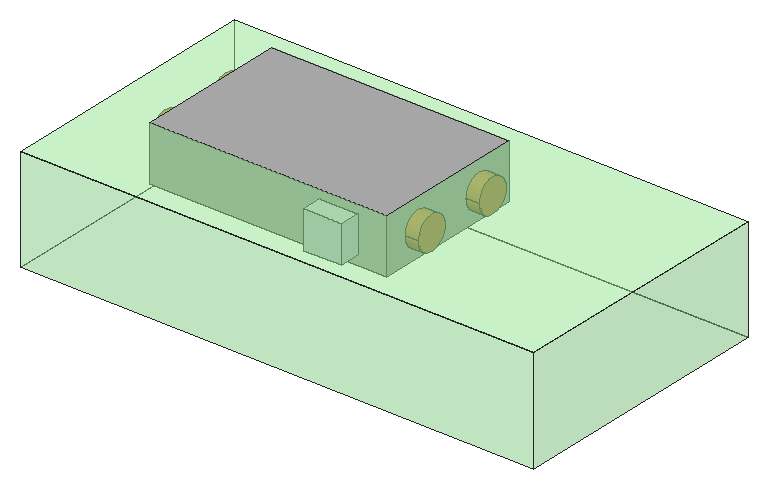
Revit family "BC_Hitachi_KPI-EX-4E-502-1002_LOD400", category Equipement de génie climatique, Revit 2016
Family settings
  Type d'élément = Normal
  Cote de connecteur circulaire = Utiliser le diamètre
  Numéro OmniClass = 23.75.50.00
  Titre OmniClass = Energy Treatment
  Basée sur le plan de construction = Non
  Toujours verticalement = Oui
  Couper avec des vides une fois chargée = Non
  Partagée = Non
  Point de calcul de pièce = Non
Parameters (values of type "KPI-502X4E")
  Usage Current = 4 A
  Text "exterieur" [instance] = yes
  Temperature exchange efficiency (High/me/low) % = "73/75/76"
  Supply Air Diameter = 200.00 mm
  Static pressure = "90/82/60"
  Sound power max (dB(A)) = 32
  Sound power level (High) dB(A) = "50"
  Sound power at minimal load (dB(A)) = 29
  Sound power at medium load (dB(A)) = 30
  Return air diameter = 200.00 mm
  Refrigerant = "R410A (factory-charged corrosion-proof nitrogen)"
  Product Code = "70603201"
  Overall Width = 920.00 mm
  Overall Height = 1435.00 mm
  Overall Depth = 330.00 mm
  Output Diameter = 200.00 mm
  Outlet Diameter = 32.00 mm
  Number of Poles = "1"
  Nominal Voltage = 230 V
  Modèle = "Heat recovery KPI"
  Minimum AC Voltage = 207 V
  Maximum AC Voltage = 253 V
  Mass = 0.00 kg
  Liquid Diameter = 6.35 mm
  Heating Capacity = 6.92 kW
  Gas Diameter = 12.70 mm
  Frequency = 50 Hz
  Exhaust air diameter = 200.00 mm
  Electrical box depth = 121.00 mm
  Operation and service space [instance] = yes
  Nominal power input (Hi/me/low) W = "130/95/73"
  Minimum Air Flow = 380.0 m³/h
  Maximum external pressure  (nom. air flow) = 165.0 Pa
  Maximum Air Flow = 500.0 m³/h
  Enthalpy exchange for heating (%) = "65"
  Enthalpy exchange for cooling (%) = "61"
  Description = "Ventilation unit with heat recovery. Optional CO2 sensor control"
  Cooling Capacity = 5.32 kW
  Color = "Neutral white (4.56Y8.85/0.38)"
  Air flow rate (Hi/Me/low) m3/h = "500/430/380"
  Air out of room depth = 85.00 mm
  Air in to room depth = 90.00 mm
  Fabricant = "HITACHI"
  Commentaires du type = "KPI-502X4E"
Types (3, lengths in mm): name | Temperature exchange efficiency (High/me/low) % | Supply Air Diameter | Static pressure | Sound power max (dB(A)) | Sound power level (High) dB(A) | Sound power at minimal load (dB(A)) | Sound power at medium load (dB(A)) | Return air diameter | Product Code | Overall Width | Overall Height | Overall Depth | Output Diameter | Liquid Diameter | Heating Capacity | Gas Diameter | Exhaust air diameter | Electrical box depth | Nominal power input (Hi/me/low) W | Minimum Air Flow | Maximum external pressure  (nom. air flow) | Maximum Air Flow | Enthalpy exchange for heating (%) | Enthalpy exchange for cooling (%) | Cooling Capacity | Air flow rate (Hi/Me/low) m3/h | Air out of room depth | Air in to room depth | Commentaires du type
  KPI-1002X4E | "76/78/79" | 300.00 | "170/105/80" | 36 | "54" | 31 | 33 | 300.00 | "70603203" | 1295.00 | 1904.00 | 385.00 | 300.00 | 9.52 | 12.93 kW | 15.88 | 300.00 | 101.00 | "357/198/150" | 740.0 m³/h | 170.0 Pa | 1000.0 m³/h | "68" | "62" | 10.83 kW | "1000/820/740" | 64.00 | 68.00 | "KPI-1002X4E"
  KPI 802 X 4E | "76/78/79" | 250.00 | "110/80/57" | 34 | "53" | 32 | 33 | 250.00 | "70603202" | 1015.00 | 1513.00 | 385.00 | 250.00 | 6.35 | 9.79 kW | 15.88 | 250.00 | 121.00 | "255/161/108" | 590.0 m³/h | 110.0 Pa | 800.0 m³/h | "65" | "62" | 7.96 kW | "800/700/590" | 85.00 | 90.00 | "KPI-802X4E"
  KPI-502X4E | "73/75/76" | 200.00 | "90/82/60" | 32 | "50" | 29 | 30 | 200.00 | "70603201" | 920.00 | 1435.00 | 330.00 | 200.00 | 6.35 | 6.92 kW | 12.70 | 200.00 | 121.00 | "130/95/73" | 380.0 m³/h | 165.0 Pa | 500.0 m³/h | "65" | "61" | 5.32 kW | "500/430/380" | 85.00 | 90.00 | "KPI-502X4E"
Reference planes
  plane 1 "Centre (avant/arrière)": y = 0
  plane 2: z = 0
  plane 3 "Centre (gauche/droite)": x = 0
  plane 4 "GAUCHE": x = -717.5
  plane 5 "DROITE": x = 717.5
  plane 6 "AVANT": y = -460
  plane 7 "ARRIERE": y = 460
  plane 8 "Top side": z = 330
  plane 9 "A": x = -1017.5
  plane 10 "B": x = 2082.5
  plane 11: y = -1060
  plane 12: y = 560
  plane 13 "L2": z = -300
  plane 14: y = -581
Forms (mm)
  Extrusion 1, solid, material "Acier"
    sketch origin (-4.654, -3.009, 0) x (1, 0, 0) y (0, 1, 0)
      loop
        line (-712.846, 463.009) -> (-712.846, -456.991) -> (722.154, -456.991) -> (722.154, 463.009) -> (-712.846, 463.009)
    from 0 to 330
  Extrusion 2, solid, material "Cuivre"
    sketch origin (717.5, 0, 0) x (0, 1, 0) y (0, 0, 1)
      loop
        circle (230, 165) r 100
      loop
        circle (-230, 165) r 100
    from 0 to 85 <- "Air out of room depth"
  Extrusion 3, solid, material "Cuivre"
    sketch origin (-717.5, 0, 0) x (0, -1, 0) y (0, 0, 1)
      loop
        circle (-230, 165) r 100
      loop
        circle (230, 165) r 100
    from 0 to 90 <- "Air in to room depth"
  Extrusion 4, solid
    sketch origin (0, -460, 0) x (1, 0, 0) y (0, 0, 1)
      loop
        line (313.874, 278.004) -> (313.874, 53.004) -> (539.374, 53.004) -> (539.374, 278.004) -> (313.874, 278.004)
    from 0 to 121
  Extrusion 5, solid, material "Operation and service space", visible <- "Operation and service space"
    sketch origin (0, 0, -300) x (1, 0, 0) y (0, 1, 0)
      loop
        line (-1017.5, 560) -> (-1017.5, -1060) -> (2082.5, -1060) -> (2082.5, 560) -> (-1017.5, 560)
    from 0 to 630
Lines and regions (mm)
  model lines, style "MechanicalEquipmentHiddenLines", visible <- "Operation and service space"
    curve 1: line (-1017.5, 560, 330) -> (2082.5, 560, 330)
    curve 2: line (-1017.5, -1060, 330) -> (-1017.5, 560, 330)
    curve 3: line (2082.5, -1060, 330) -> (-1017.5, -1060, 330)
    curve 4: line (2082.5, 560, 330) -> (2082.5, -1060, 330)
    curve 5: line (-1017.5, 560, -300) -> (2082.5, 560, -300)
    curve 6: line (-1017.5, -1060, -300) -> (-1017.5, 560, -300)
    curve 7: line (2082.5, -1060, -300) -> (-1017.5, -1060, -300)
    curve 8: line (2082.5, 560, -300) -> (2082.5, -1060, -300)
    curve 9: line (-1017.5, -1060, 330) -> (-1017.5, -1060, -300)
    curve 10: line (-1017.5, 560, 330) -> (-1017.5, 560, -300)
    curve 11: line (2082.5, -1060, 330) -> (2082.5, -1060, -300)
    curve 12: line (2082.5, 560, 330) -> (2082.5, 560, -300)
Text (mm)
  text "Extérieur" at (1272.305, 58.217, 0), in view "Niveau de réf."
Dimensions and locks
  equal spacing: plane 6 "AVANT", plane 1 "Centre (avant/arrière)", plane 7 "ARRIERE"
  "Overall Width": plane 6 "AVANT" to plane 7 "ARRIERE"
  equal spacing: plane 4 "GAUCHE", plane 3 "Centre (gauche/droite)", plane 5 "DROITE"
  "Overall Height": plane 4 "GAUCHE" to plane 5 "DROITE"
  "Overall Depth": plane 8 "Top side" to plane 2
  equal spacing: plane 1 "Centre (avant/arrière)", Extrusion 2 sketch curve, plane 7 "ARRIERE"
  equal spacing: plane 8 "Top side", Extrusion 2 sketch curve, plane 2
  locked: plane 13 "L2" to Extrusion 1 at 300
  locked: plane 9 "A" to plane 4 "GAUCHE" at 300
  locked: plane 12 to plane 7 "ARRIERE" at 100
  locked: plane 6 "AVANT" to plane 11 at 600
  "Electrical box depth": plane 14 to plane 6 "AVANT"
  "Return air diameter": diameter of Extrusion 3 sketch curve
  "Supply Air Diameter": diameter of Extrusion 3 sketch curve
  "Output Diameter": diameter of Extrusion 2 sketch curve
  "Exhaust air diameter": diameter of Extrusion 2 sketch curve
  aligned and locked: level to plane 2
  aligned and locked: plane 7 "ARRIERE" to Extrusion 1
  aligned and locked: plane 6 "AVANT" to Extrusion 1
  aligned and locked: plane 4 "GAUCHE" to Extrusion 1
  aligned and locked: plane 5 "DROITE" to Extrusion 1
  aligned and locked: plane 8 "Top side" to Extrusion 1
  aligned and locked: curve 1 to plane 12
  aligned and locked: plane 9 "A" to curve 2
  aligned and locked: plane 11 to curve 3
  aligned and locked: curve 4 to plane 10 "B"
  aligned and locked: Extrusion 4 to plane 14
  aligned and locked: Extrusion 5 sketch curve to curve 1
  aligned and locked: Extrusion 5 sketch curve to curve 2
  aligned and locked: Extrusion 5 sketch curve to curve 3
  aligned and locked: Extrusion 5 sketch curve to curve 4
  aligned and locked: Extrusion 5 to plane 8 "Top side"
Automatic sketch dimensions
  Extrusion 1 sketch curve to plane 4 "GAUCHE" = 0.00 mm
  Extrusion 1 sketch curve to plane 5 "DROITE" = 0.00 mm
  plane 6 "AVANT" to Extrusion 1 sketch curve = 0.00 mm
  Extrusion 1 sketch curve to plane 7 "ARRIERE" = 0.00 mm
  curve 7 to plane 9 "A" = 0.00 mm
  curve 8 to plane 10 "B" = 0.00 mm
  curve 7 to plane 11 = 0.00 mm
  curve 6 to plane 12 = 0.00 mm
  curve 9 to plane 11 = 0.00 mm
  curve 10 to plane 12 = 0.00 mm
  curve 9 to plane 13 "L2" = 0.00 mm
  curve 10 to plane 13 "L2" = 0.00 mm
  curve 10 to plane 8 "Top side" = 0.00 mm
  curve 9 to plane 8 "Top side" = 0.00 mm
  curve 11 to plane 11 = 0.00 mm
  curve 12 to plane 12 = 0.00 mm
  curve 11 to plane 13 "L2" = 0.00 mm
  curve 12 to plane 13 "L2" = 0.00 mm
  curve 12 to plane 8 "Top side" = 0.00 mm
  curve 11 to plane 8 "Top side" = 0.00 mm
  level to Extrusion 4 sketch curve = 53.004 mm
  plane 3 "Centre (gauche/droite)" to Extrusion 4 sketch curve = 313.874 mm
  Extrusion 4 sketch curve to plane 5 "DROITE" = 178.126 mm
  Extrusion 4 sketch curve to plane 8 "Top side" = 51.996 mm
  plane 1 "Centre (avant/arrière)" to Extrusion 2 sketch curve = 230.00 mm
  level to Extrusion 2 sketch curve = 165.00 mm
  Extrusion 3 sketch curve to plane 1 "Centre (avant/arrière)" = 230.00 mm
  plane 1 "Centre (avant/arrière)" to Extrusion 3 sketch curve = 230.00 mm
  level to Extrusion 3 sketch curve = 165.00 mm  (x2)
Connectors
  hvac at (802.5, -230, 165), driven by "Output Diameter"
    settings: on Extrusion 2, index 1, duct flow 0.0 m³/h, flow factor 0, pres drop 0.0 Pa, loss coef 0, conn angle 0.00°, conn width 304.8 mm, conn height 304.8 mm, conn diameter 200 mm, duct sys type 2, conn prof type 0, flow config 0, flow direction 1, loss method 0, conn ref index -1, conn util no, is conn primary yes, conn desc ""
  hvac at (802.5, 230, 165), driven by "Exhaust air diameter"
    settings: on Extrusion 2, index 2, duct flow 0.0 m³/h, flow factor 0, pres drop 0.0 Pa, loss coef 0, conn angle 0.00°, conn width 304.8 mm, conn height 304.8 mm, conn diameter 200 mm, duct sys type 1, conn prof type 0, flow config 0, flow direction 2, loss method 0, conn ref index -1, conn util no, is conn primary no, conn desc ""
  hvac at (-807.5, -230, 165), driven by "Supply Air Diameter"
    settings: on Extrusion 3, index 3, duct flow 0.0 m³/h, flow factor 0, pres drop 0.0 Pa, loss coef 0, conn angle 0.00°, conn width 304.8 mm, conn height 304.8 mm, conn diameter 200 mm, duct sys type 1, conn prof type 0, flow config 0, flow direction 2, loss method 0, conn ref index -1, conn util no, is conn primary no, conn desc ""
  hvac at (-807.5, 230, 165), driven by "Return air diameter"
    settings: on Extrusion 3, index 4, duct flow 0.0 m³/h, flow factor 0, pres drop 0.0 Pa, loss coef 0, conn angle 0.00°, conn width 304.8 mm, conn height 304.8 mm, conn diameter 200 mm, duct sys type 2, conn prof type 0, flow config 0, flow direction 1, loss method 0, conn ref index -1, conn util no, is conn primary no, conn desc ""
  electrical at (426.624, -581, 165.504), driven by "Nominal Voltage"
    settings: on Extrusion 4, index 5, voltage 230 V, apparent load 0 VA, apparent load phase1 0 VA, apparent load phase2 0 VA, apparent load phase3 0 VA, power factor 1, load classification "Autre", number of poles 1, system type 30, power factor state 1, is connector primary yes, connector utility no, sub classification motor no, connector description ""
